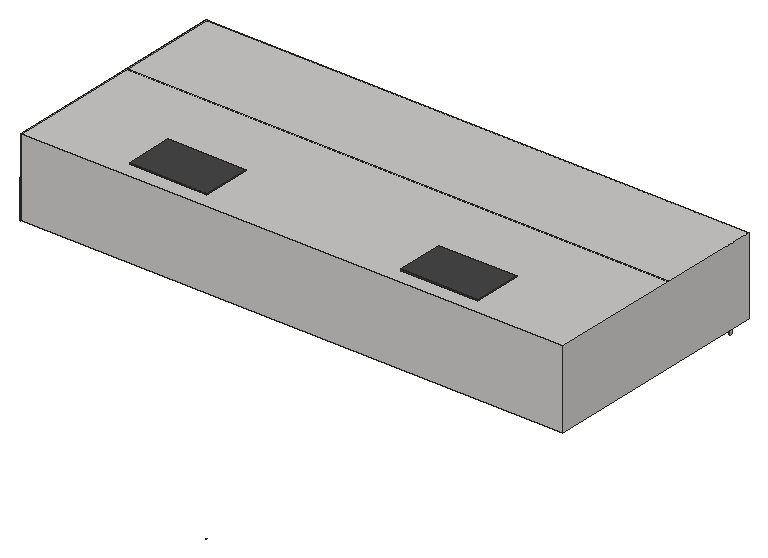
Revit family "QF_ELECTROLUXPROFESSIONAL_643324_DK1228", category Specialty Equipment, Revit 2014
Reference planes
  plane 1: z = 0
  plane 2 "Center (Left/Right)": x = 150
  plane 3 "LEFT": x = -1250
  plane 4 "RIGHT": x = 1550
  plane 5 "BACK": y = 550
  plane 6 "TOP": z = 2400
  plane 7 "Base": z = 2000
  plane 8: z = 1970
  plane 9 "DrainY": y = 450
  plane 10: x = -1247
  plane 11: y = -320
  plane 12: y = -570
  plane 13 "DrainX": x = 1537
  plane 14 "AOLeft2": x = -350
  plane 15 "AORight1": x = 650
  plane 16: x = 1547
  plane 17: x = -1050
  plane 18: x = 1350
  plane 19 "Center (Front/Back)": y = -50
  plane 20 "Front": y = -650
  plane 21: x = 50
  plane 22: x = 250
  plane 23 "AOLeft1": x = -750
  plane 24 "AORight2": x = 1050
Forms (mm)
  Extrusion 1, solid, material "QF_Finishes_Stainless Steel"
    sketch origin (-1250, 0, 360) x (0, 1, 0) y (0, 0, 1)
      loop
        line (550, 1640) -> (550, 2040) -> (-650, 2040) -> (-650, 1640) -> (550, 1640)
    from 0 to 3
  Extrusion 2, solid, material "QF_Finishes_Stainless Steel"
    sketch origin (1550, 0, 360) x (0, 1, 0) y (0, 0, 1)
      loop
        line (550, 1640) -> (550, 2040) -> (-650, 2040) -> (-650, 1640) -> (550, 1640)
    from 0 to -3
  Extrusion 3, solid, material "QF_Finishes_Stainless Steel"
    sketch origin (150, 0, 360) x (0, 1, 0) y (0, 0, 1)
      loop
        line (-650, 2040) -> (-650, 1640) -> (-640, 1640) -> (-640, 1640.8) -> (-649.2, 1640.8) -> (-649.2, 2039.19) -> (549.2, 2039.19) -> (549.2, 1640.8) -> (540, 1640.8) -> (540, 1640) -> (550, 1640) -> (550, 2040) -> (-650, 2040)
    from -1400 to 1400
  Extrusion 4, solid, material "QF_Finishes_Stainless Steel"
    sketch origin (0, 0, 2000) x (0, 1, 0) y (-1, 0, 0)
      loop
        circle (450, -1537) r 4.763
    from -30 to 0
  Extrusion 5, solid, material "QF_Finishes_Black"
    sketch origin (0, 0, 2400) x (0, 1, 0) y (-1, 0, 0)
      loop
        line (-320, 350) -> (-320, 750) -> (-570, 750) -> (-570, 350) -> (-320, 350)
    from 5 to 0
  Extrusion 6, solid, material "QF_Finishes_Stainless Steel"
    sketch origin (0, 0, 0) x (1, 0, 0) y (0, 1, 0)
      loop
        line (-1250, 550) -> (-1250, 549) -> (-1249, 549) -> (-1249, 550) -> (-1250, 550)
    from 0 to 1
  Sweep 7, solid, material "QF_Finishes_Stainless Steel"
    path origin (0, 0, 0) x (1, 0, 0) y (0, 1, 0)
      loop
        line (1550, 550) -> (-1250, 550) -> (-1250, -650) -> (1550, -650) -> (1550, 550)
    profile origin (1550, -50, 0) x (1, 0, 0) y (0, 0, 1)
      loop
        line (-3, 2000) -> (-3, 2000.8) -> (-19, 2000.8) -> (-19, 2010) -> (-20, 2010) -> (-20, 2000) -> (-3, 2000)
  Extrusion 8, solid, material "QF_Finishes_Stainless Steel"
    sketch origin (150, 0, 0) x (0, 1, 0) y (0, 0, 1)
      loop
        line (35, 2399.19) -> (34.2, 2399.19) -> (34.2, 2329.838) -> (-320.309, 2254.485) -> (-614.003, 2066.672) -> (-614.003, 2000.8) -> (-613.203, 2000.8) -> (-613.203, 2066.234) -> (-320, 2253.732) -> (35, 2329.19) -> (35, 2399.19)
    from -1397 to 1397
  Extrusion 9, solid, material "QF_Finishes_Black"
    sketch origin (1134.605, 0, 2400) x (0, 1, 0) y (-1, 0, 0)
      loop
        line (-320, 84.605) -> (-320, 484.605) -> (-570, 484.605) -> (-570, 84.605) -> (-320, 84.605)
    from 5 to 0
Cuts and joins
  joined: Extrusion 2, Extrusion 3, Sweep 7
Lines and regions (mm)
  symbolic lines, style "SpecialityEquipment", detail levels coarse
    curve 1: line (1550, 550, 2400) -> (-1250, 550, 2400)
    curve 2: line (-1250, 550, 2400) -> (-1250, -650, 2400)
    curve 3: line (1550, -650, 2400) -> (1550, 550, 2400)
    curve 4: line (-1250, 550, 0) -> (1550, -650, 0)
    curve 5: line (1550, 550, 0) -> (-1250, -650, 0)
    curve 6: line (-1250, -650, 0) -> (1550, -650, 0)
    curve 7: line (-350, -320, 0) -> (-750, -320, 0)
    curve 8: line (-350, -570, 0) -> (-350, -320, 0)
    curve 9: line (-750, -570, 0) -> (-350, -570, 0)
    curve 10: line (-750, -320, 0) -> (-750, -570, 0)
    curve 11: line (650, -320, 0) -> (650, -570, 0)
    curve 12: line (1050, -320, 0) -> (650, -320, 0)
    curve 13: line (1050, -570, 0) -> (1050, -320, 0)
    curve 14: line (650, -570, 0) -> (1050, -570, 0)
Dimensions and locks
  plane 3 "LEFT" to plane 4 "RIGHT" = 2800 mm
  equal spacing: plane 3 "LEFT", plane 2 "Center (Left/Right)", plane 4 "RIGHT"
  plane 7 "Base" to plane 8 = 30 mm
  plane 5 "BACK" to plane 9 "DrainY" = 100 mm  (x2)
  plane 3 "LEFT" to plane 10 = 3 mm
  plane 13 "DrainX" to plane 4 "RIGHT" = 13 mm
  plane 16 to plane 4 "RIGHT" = 3 mm
  plane 3 "LEFT" to plane 17 = 200 mm
  plane 18 to plane 4 "RIGHT" = 200 mm
  locked: plane 14 "AOLeft2" to plane 15 "AORight1" at 1000
  equal spacing: plane 14 "AOLeft2", plane 2 "Center (Left/Right)", plane 15 "AORight1"
  locked: plane 7 "Base" to level at 2000
  locked: plane 6 "TOP" to plane 7 "Base" at 400
  plane 5 "BACK" to plane 20 "Front" = 1200 mm  (x2)
  equal spacing: plane 5 "BACK", plane 19 "Center (Front/Back)", plane 20 "Front"
  locked: plane 21 to plane 22 at 200
  equal spacing: plane 21, plane 2 "Center (Left/Right)", plane 22
  plane 12 to plane 20 "Front" = 80 mm
  locked: plane 11 to plane 12 at 250
  locked: plane 23 "AOLeft1" to plane 14 "AOLeft2" at 400
  locked: plane 15 "AORight1" to plane 24 "AORight2" at 400
  aligned and locked: level to plane 1
  aligned and locked: plane 4 "RIGHT" to Extrusion 3
  aligned and locked: Extrusion 3 to plane 3 "LEFT"
  aligned and locked: Extrusion 5 to plane 12
  aligned and locked: Extrusion 5 to plane 11
  aligned and locked: Extrusion 2 to plane 16
  aligned and locked: Extrusion 8 to plane 10
  aligned and locked: plane 16 to Extrusion 8
  aligned and locked: Extrusion 5 to plane 23 "AOLeft1"
  aligned and locked: Extrusion 5 to plane 14 "AOLeft2"
  aligned and locked: plane 24 "AORight2" to Extrusion 9
  aligned and locked: plane 15 "AORight1" to Extrusion 9
Automatic sketch dimensions
  Extrusion 1 sketch curve to plane 7 "Base" = 0 mm
  Extrusion 1 sketch curve to plane 20 "Front" = 0 mm
  Extrusion 1 sketch curve to plane 5 "BACK" = 0 mm
  Extrusion 1 sketch curve to plane 6 "TOP" = 0 mm
  Extrusion 2 sketch curve to plane 7 "Base" = 0 mm
  Extrusion 2 sketch curve to plane 20 "Front" = 0 mm
  Extrusion 2 sketch curve to plane 5 "BACK" = 0 mm
  Extrusion 2 sketch curve to plane 6 "TOP" = 0 mm
  Extrusion 3 sketch curve to plane 6 "TOP" = 0 mm
  Extrusion 3 sketch curve to plane 20 "Front" = 0 mm
  Extrusion 3 sketch curve to plane 7 "Base" = 0 mm  (x2)
  Extrusion 3 sketch curve to plane 5 "BACK" = 0 mm
  plane 20 "Front" to Extrusion 3 sketch curve = 0.8 mm
  Extrusion 3 sketch curve to Extrusion 3 sketch curve = 9.2 mm
  plane 7 "Base" to Extrusion 3 sketch curve = 0.8 mm  (x2)
  Extrusion 3 sketch curve to plane 5 "BACK" = 10 mm
  Extrusion 3 sketch curve to plane 5 "BACK" = 0.8 mm
  Extrusion 3 sketch curve to plane 6 "TOP" = 0.81 mm
  Extrusion 4 sketch curve to plane 9 "DrainY" = 0 mm
  Extrusion 4 sketch curve to plane 13 "DrainX" = 0 mm
  Extrusion 5 sketch curve to plane 12 = 0 mm
  plane 11 to Extrusion 5 sketch curve = 0 mm
  Extrusion 5 sketch curve to plane 14 "AOLeft2" = 0 mm
  Extrusion 5 sketch curve to plane 23 "AOLeft1" = 0 mm
  Extrusion 6 sketch curve to plane 3 "LEFT" = 0 mm
  Extrusion 6 sketch curve to plane 5 "BACK" = 0 mm
  plane 3 "LEFT" to Extrusion 6 sketch curve = 1 mm
  Extrusion 6 sketch curve to Extrusion 6 sketch curve = 1 mm
  Sweep 7 sketch curve to plane 3 "LEFT" = 0 mm
  Sweep 7 sketch curve to plane 4 "RIGHT" = 0 mm
  Sweep 7 sketch curve to plane 20 "Front" = 0 mm
  Sweep 7 sketch curve to plane 5 "BACK" = 0 mm
  profile plane to Sweep 7 sketch curve = 20 mm
  Sweep 7 sketch curve to Sweep 7 sketch curve = 1 mm
  profile plane to Sweep 7 sketch curve = 3 mm
  level to Sweep 7 sketch curve = 2000 mm
  Sweep 7 sketch curve to Sweep 7 sketch curve = 0.8 mm
  Sweep 7 sketch curve to Sweep 7 sketch curve = 9.2 mm
  Extrusion 9 sketch curve to plane 12 = 0 mm
  plane 11 to Extrusion 9 sketch curve = 0 mm
  Extrusion 9 sketch curve to plane 15 "AORight1" = 400 mm
  plane 22 to Extrusion 9 sketch curve = 400 mm
  curve 5 to plane 3 "LEFT" = 0 mm
  curve 4 to plane 3 "LEFT" = 0 mm
  curve 6 to plane 20 "Front" = 0 mm
  curve 5 to plane 4 "RIGHT" = 0 mm
  curve 6 to plane 4 "RIGHT" = 0 mm
  curve 5 to plane 5 "BACK" = 0 mm
  curve 4 to plane 5 "BACK" = 0 mm
  curve 2 to plane 3 "LEFT" = 0 mm
  curve 2 to plane 20 "Front" = 0 mm
  curve 3 to plane 4 "RIGHT" = 0 mm
  curve 3 to plane 20 "Front" = 0 mm
  curve 2 to plane 5 "BACK" = 0 mm
  plane 11 to curve 7 = 0 mm
  curve 7 to plane 23 "AOLeft1" = 0 mm
  curve 8 to plane 12 = 0 mm
  curve 8 to plane 14 "AOLeft2" = 0 mm
  plane 11 to curve 11 = 0 mm
  curve 11 to plane 15 "AORight1" = 0 mm
  curve 12 to plane 24 "AORight2" = 0 mm
  curve 13 to plane 12 = 0 mm
  Extrusion 8 sketch curve to plane 11 = 0 mm
  plane 11 to Extrusion 8 sketch curve = 0.309 mm
  plane 7 "Base" to Extrusion 8 sketch curve = 0.8 mm
  plane 20 "Front" to Extrusion 8 sketch curve = 36.797 mm
  Extrusion 8 sketch curve to Extrusion 8 sketch curve = 0.8 mm  (x2)
  plane 19 "Center (Front/Back)" to Extrusion 8 sketch curve = 84.2 mm
  Extrusion 8 sketch curve to Extrusion 8 sketch curve = 65.434 mm
  Extrusion 8 sketch curve to plane 6 "TOP" = 146.268 mm
  Extrusion 8 sketch curve to Extrusion 8 sketch curve = 0.752 mm
  Extrusion 8 sketch curve to plane 6 "TOP" = 70.81 mm
  Extrusion 8 sketch curve to Extrusion 8 sketch curve = 0.648 mm
  Extrusion 8 sketch curve to Extrusion 8 sketch curve = 0.438 mm
  Extrusion 8 sketch curve to plane 6 "TOP" = 0.81 mm
  radius of Extrusion 4 sketch curve = 4.763 mm
Connectors
  piping at (1537, 450, 1970), diameter 9.5
    settings: on Extrusion 4, index 1, connector inside diameter 609.6 mm, connector length 0 mm, flow factor 0, pipe flow 0.0 L/s, pressure drop 0.0 Pa, fitting loss kfactor 0, connector angle 0.00°, fixture units 0, engagement length 0 mm, angle of deflection 0.00°, flow configuration 1, flow direction 2, fitting loss method 0, system type 16, joint type 0, gender type 0, connector reference index -1, connector utility 0, adjustable connector no, is connector primary yes, connector description "Drain"
  hvac at (-550, -445, 2405)
    settings: on Extrusion 5, index 2, duct flow 0.0 L/s, flow factor 0, pres drop 0.0 Pa, loss coef 0, conn angle 0.00°, conn width 250 mm, conn height 400 mm, conn diameter 609.6 mm, duct sys type 3, conn prof type 1, flow config 1, flow direction 2, loss method 0, conn ref index -1, conn util no, is conn primary yes, conn desc "EXHAUST OUTLET"
  hvac at (850, -445, 2405)
    settings: on Extrusion 9, index 3, duct flow 0.0 L/s, flow factor 0, pres drop 0.0 Pa, loss coef 0, conn angle 0.00°, conn width 250 mm, conn height 400 mm, conn diameter 609.6 mm, duct sys type 3, conn prof type 1, flow config 1, flow direction 2, loss method 0, conn ref index -1, conn util no, is conn primary no, conn desc "EXHAUST OUTLET"
